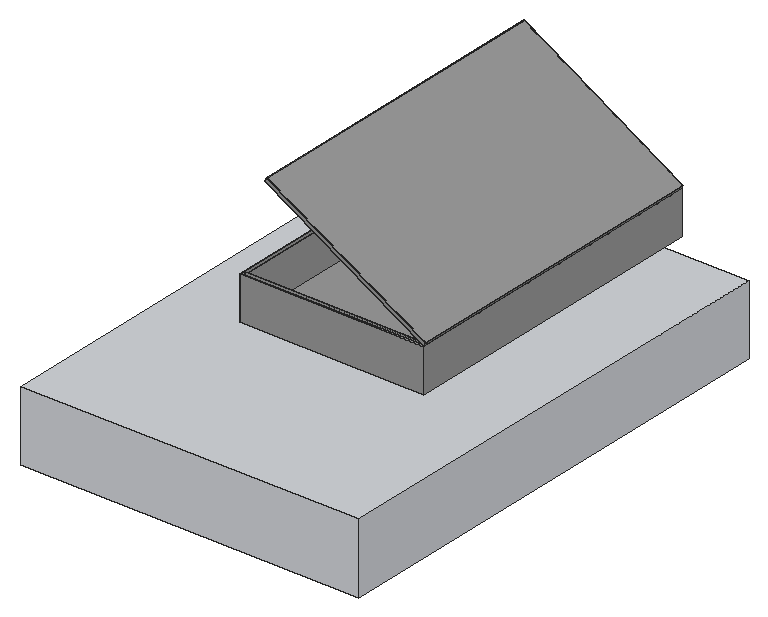
Revit family "Hager-Univers-IP54-D205-H1400-Cl.II-Encl-CH-de", category Equipement électrique, Revit 2020
Family settings
  Hôte = Face
  Configuration du panneau = Deux colonnes, circuits au sein
  Cote de connecteur circulaire = Utiliser le diamètre
  Type d'élément = Tableau de raccordement
  Couper avec des vides une fois chargée = Non
  Partagée = Non
  Point de calcul de pièce = Non
Parameters (values of type "Aufputz IP54 B800 H1400 T205  - FP93QSW")
  Width Control [instance] = if([EF000008 - Breite] > Min Width, [EF000008 - Breite], Min Width)  # 800 mm
  Commentaires du type = [HG000003 - Bereich]  # "Univers"
  Thickness Door [instance] = if([EF009171 - Materialstärke Tür/Deckel] > 3 mm, 3 mm, [EF009171 - Materialstärke Tür/Deckel])  # 1 mm
  Seal Frame Offset [instance] = 17 mm  # constant formula
  Plinth Visibility [instance] = [HG000027 - Sockelhöhe] > 0 mm  # no
  Model = ""
  Min Width [instance] = 100 mm  # constant formula
  Min Height [instance] = 100 mm  # constant formula
  Min Depth [instance] = (2 * [EF009170 - Materialstärke Gehäuse]) + 1 mm  # 3 mm
  Internal Frame Depth [instance] = (Door System Depth * 0.5)  # 9 mm
  Height Control [instance] = if([EF000040 - Höhe] > Min Height, [EF000040 - Höhe], Min Height)  # 1400 mm
  HG000027 - Sockelhöhe = 0 mm
  HG000026 - Stehend auf dem Boden = no
  HG000024 - Höhe des unteren Teils = 800 mm
  HG000023 - Gehäuse mit doppeltem Querschnitt = no
  HG000016 - 3D-Türsichtbarkeit [instance] = yes
  HG000015 - Sichtbarkeit der Türöffnung [instance] = no
  HG000014 - Tür rechts [instance] = yes
  HG000013 - Tür links [instance] = not([HG000014 - Tür rechts])  # no
  HG000012 - Türschwenkwinkel [instance] = 30.00°
  HG000010 - Asymmetrische Türen = no
  HG000009 - Doppelflügeligen Tür = no
  HG000006 - Unterputz = no
  HG000004 - Herstellerreferenz = "FP93QSW"
  HG000003 - Bereich = "Univers"
  HG000002 - Mit tür = yes
  Frame Offset Bottom [instance] = 10 mm  # constant formula
  Frame Offset [instance] = 15 mm  # constant formula
  EF015940 - Deckel mit Überdruckentlastung = no
  EF011959 - Schutzart (NEMA) = ""
  EF009554 - Anzahl der Öffnungen für Flanschplatten = 6
  Fabricant = "Hager"  # constant formula
  EF009212 - Ausführung Deckel = "EV000116 - geschlossen"
  EF009171 - Materialstärke Tür/Deckel = 1 mm
  EF009170 - Materialstärke Gehäuse = 1 mm
  EF008873 - Nennstrom (In) = 250 A
  EF007800 - Geeignet für Blitzschutz = no
  EF006306 - Mit Schloss = no
  EF006244 - Transparenter Deckel/Tür = no
  EF005474 - Schutzart (IP) = "EV006419 - IP54"
  EF004464 - Art der Tür = "EV002646 - Einzel"
  EF004427 - Anzahl der Module = 324
  EF004293 - Schlagfestigkeit = "EV006815 - IK09"
  EF003532 - Geeignet für Außengebrauch = no
  EF002950 - Breite in Teilungseinheiten = 36
  EF001613 - Funktionserhalt = "EV000494 - ohne"
  EF001596 - Werkstoff des Gehäuses = "EV000179 - Stahl"
  EF001131 - Innentiefe = 143 mm
  EF001088 - Anbaumöglichkeit = yes
  EF000437 - Anzahl der Leitungseinführungen = 6
  EF000339 - Art der Abdeckung = "EV001012 - Deckel"
  EF000266 - Anzahl der Reihen = 9
  EF000218 - Einbautiefe = 0 mm
  EF000118 - Mit Montageplatte = no
  EF000116 - RAL-Nummer = "9010"
  EF000049 - Tiefe = 205 mm
  EF000040 - Höhe = 1400 mm
  EF000008 - Breite = 800 mm
  EF000007 - Farbe = "EV000202 - weiß"
  EF000003 - Montageart = "EV000384 - Aufputz"
  Door System Leaf Tolerance [instance] = 1.5 mm  # constant formula
  Door System Depth [instance] = 18 mm  # constant formula
  Door Height [instance] = Height Control - [HG000027 - Sockelhöhe]  # 1400 mm
  Depth Control [instance] = if([EF000049 - Tiefe] > Min Depth, [EF000049 - Tiefe], Min Depth)  # 205 mm
  Default Elevation = 0 mm
  Connector Offset [instance] = Height Control / 2  # 700 mm
  Bottom Top Plate Trim [instance] = 1.5 mm  # constant formula
  Plinth height Ctrl [instance] = if([HG000027 - Sockelhöhe] > 0 mm, [HG000027 - Sockelhöhe], 12 mm)  # 12 mm
Types (5, lengths in mm): name | Width Control | HG000004 - Herstellerreferenz | EF009554 - Anzahl der Öffnungen für Flanschplatten | EF004464 - Art der Tür | EF004427 - Anzahl der Module | EF002950 - Breite in Teilungseinheiten | EF001131 - Innentiefe | EF000437 - Anzahl der Leitungseinführungen | EF000339 - Art der Abdeckung | EF000008 - Breite
  Aufputz IP54 B1050 H1400 T205  - FP94QSW | 1050 | "FP94QSW" | 8 | "EV003602 - Doppel" | 432 | 48 | 143 | 8 | "EV001012 - Deckel" | 1050
  Aufputz IP54 B1300 H1400 T205  - FP95QSW | 1300 | "FP95QSW" | 10 | "EV003602 - Doppel" | 540 | 60 | 130 | 10 | "EV004216 - Tür" | 1300
  Aufputz IP54 B300 H1400 T205  - FP91QSW | 300 | "FP91QSW" | 2 | "EV002646 - Einzel" | 108 | 12 | 130 | 2 | "EV004216 - Tür" | 300
  Aufputz IP54 B550 H1400 T205  - FP92QSW | 550 | "FP92QSW" | 4 | "EV002646 - Einzel" | 216 | 24 | 143 | 4 | "EV001012 - Deckel" | 550
  Aufputz IP54 B800 H1400 T205  - FP93QSW | 800 | "FP93QSW" | 6 | "EV002646 - Einzel" | 324 | 36 | 143 | 6 | "EV001012 - Deckel" | 800
Reference planes
  plane 1 "Center (Front/Back)": y = 0
  plane 2: z = 0
  plane 3 "Center (Left/Right)": x = 0
  plane 4: z = 205
  plane 5: y = 1
  plane 6: y = 700
  plane 7: y = 0
  plane 8: y = 1400
  plane 9: z = 0
  plane 10: x = -385
  plane 11: x = 385
  plane 12: x = 384
  plane 13: x = -384
  plane 14: y = 1399
  plane 15: x = -383
  plane 16: x = -400
  plane 17: x = 383
  plane 18: x = 400
  plane 19: x = 399
  plane 20: x = -399
  plane 21: y = 11
  plane 22: y = 1400
  plane 23: y = 1384
  plane 24: z = 187
  plane 25: z = 1
  plane 26: z = 186
  plane 27: z = 204
Forms (mm)
  Extrusion 1, solid
    sketch origin (0, 0, 0) x (1, 0, 0) y (0, 1, 0)
      loop
        line (-702.964, 1305) -> (-702.964, -811.445) -> (766.763, -811.445) -> (766.763, 1305) -> (-702.964, 1305)
    from 0 to -304.8
  Extrusion 2, solid, material "Hager_Steel_RAL7035_Light_Grey", visible <- "Plinth Visibility", detail levels medium+fine
    sketch origin (0, 0, 0) x (1, 0, 0) y (0, 1, 0)
      loop
        line (-400, 0) -> (400, 0) -> (400, 12) -> (-400, 12) -> (-400, 0)
    from 0 to 187
  Extrusion 3, solid, material "Hager_Steel_RAL7035_Light_Grey", detail levels medium+fine
    sketch origin (0, 0, 0) x (1, 0, 0) y (0, 1, 0)
      loop
        line (-400, 0) -> (400, 0) -> (400, 1400) -> (-400, 1400) -> (-400, 0)
    from 0 to 187
  Extrusion 4, void
    sketch origin (0, 0, 0) x (1, 0, 0) y (0, 1, 0)
      loop
        line (-399, 1) -> (399, 1) -> (399, 1399) -> (-399, 1399) -> (-399, 1)
    from 1 to 186
  Extrusion 5, void
    sketch origin (-381.607, -4572, 187) x (0, -1, 0) y (-1, 0, 0)
      loop
        line (-4583, 2.393) -> (-5956, 2.393) -> (-5956, -765.607) -> (-4583, -765.607) -> (-4583, 2.393)
    from 0 to 1 <- "EF009170 - Materialstärke Gehäuse"
  Extrusion 6, solid, material "Hager_Steel_RAL7035_Light_Grey", detail levels fine
    sketch origin (0, 0, 187) x (1, 0, 0) y (0, 1, 0)
      loop
        line (-384, 1384) -> (-384, 11) -> (384, 11) -> (384, 1384) -> (-384, 1384)
      loop
        line (-385, 10) -> (385, 10) -> (385, 1385) -> (-385, 1385) -> (-385, 10)
    from 0 to 9 <- "Internal Frame Depth"
  Extrusion 7, solid, material "Hager_Steel_RAL7035_Light_Grey", detail levels coarse
    sketch origin (0, 0, 0) x (1, 0, 0) y (0, 1, 0)
      loop
        line (-400, 0) -> (400, 0) -> (400, 1400) -> (-400, 1400) -> (-400, 0)
    from 0 to 205
  Sweep 8, void
    path in 3D
      loop
        line (-400, 12, 0) -> (400, 12, 0) -> (400, 12, 187) -> (-400, 12, 187) -> (-400, 12, 0)
    profile origin (-400, 12, 93.5) x (-1, 0, 0) y (0, -1, 0)
      loop
        line (0, 0) -> (0, 1.5) -> (-1.5, 1.5)
        arc (-1.5, 1.5) -> (-1.061, 0.439) -> (0, 0) r 1.5
Cuts and joins
  Extrusion 4, Extrusion 5 cuts Extrusion 3
  Sweep 8 cuts Extrusion 2
Lines and regions (mm)
  Masking region 1
    outline origin (0, 0, 0) x (1, 0, 0) y (0, 0, 1)
      loop
        line (-400, 205) -> (-400, 0) -> (400, 0) -> (400, 205) -> (-400, 205)
  Masking region 2, detail levels medium+fine
    outline origin (0, 140, 0) x (0, 1, 0) y (0, 0, 1)
      loop
        line (-140, 0) -> (1260, 0) -> (1260, 187) -> (-140, 187) -> (-140, 0)
  Masking region 3, not visible, detail levels medium+fine
    outline origin (0, 297.922, 0) x (0, 1, 0) y (0, 0, 1)
      loop
        line (413.578, 0) -> (453.578, 0) -> (453.578, 194)
        arc (453.578, 194) -> (450.649, 201.071) -> (443.578, 204) r 10
        line (443.578, 204) -> (413.578, 204) -> (413.578, 0)
  Masking region 4, detail levels coarse
    outline origin (0, 0, 180) x (0, 1, 0) y (0, 0, 1)
      loop
        line (0, -180) -> (1400, -180) -> (1400, 25) -> (0, 25) -> (0, -180)
  Masking region 5, visible <- "Plinth Visibility", detail levels medium+fine
    outline origin (0, 52.24, 12.345) x (0, 0, -1) y (0, 1, 0)
      loop
        line (10.845, -40.24) -> (-173.155, -40.24)
        arc (-173.155, -40.24) -> (-173.594, -41.301) -> (-174.655, -41.74) r 1.5
        line (-174.655, -41.74) -> (-174.655, -52.24) -> (12.345, -52.24) -> (12.345, -41.74)
        arc (12.345, -41.74) -> (11.285, -41.301) -> (10.845, -40.24) r 1.5
  Masking region 6, detail levels medium+fine
    outline origin (-381.607, -4572, 187) x (-1, 0, 0) y (0, -1, 0)
      loop
        line (18.393, -5972) -> (18.393, -4572) -> (-781.607, -4572) -> (-781.607, -5972) -> (18.393, -5972)
  Masking region 7, visible <- "Plinth Visibility", detail levels medium+fine
    outline origin (-381.607, -4727, 187) x (-1, 0, 0) y (0, -1, 0)
      loop
        arc (16.893, -4739) -> (17.332, -4737.939) -> (18.393, -4737.5) r 1.5
        line (18.393, -4737.5) -> (18.393, -4727) -> (-781.607, -4727) -> (-781.607, -4737.5)
        arc (-781.607, -4737.5) -> (-780.546, -4737.939) -> (-780.107, -4739) r 1.5
        line (-780.107, -4739) -> (16.893, -4739)
  Masking region 8, detail levels coarse
    outline origin (-442.548, -4669.526, 187) x (-1, 0, 0) y (0, -1, 0)
      loop
        line (-42.548, -6069.526) -> (-42.548, -4669.526) -> (-842.548, -4669.526) -> (-842.548, -6069.526) -> (-42.548, -6069.526)
  sketch lines
    curve 1: line (-400, 12, 187) -> (-400, 12, 0)
    curve 2: line (400, 12, 187) -> (-400, 12, 187)
    curve 3: line (400, 12, 187) -> (400, 12, 0)
    curve 4: line (-400, 12, 0) -> (400, 12, 0)
Dimensions and locks
  "Depth Control": plane 4 to Extrusion 1
  "HG000027 - Sockelhöhe": plane 1 "Center (Front/Back)" to plane 7
  "EF009170 - Materialstärke Gehäuse": plane 5 to plane 7
  locked: connector elem to plane 3 "Center (Left/Right)"
  equal spacing: plane 8, plane 6, plane 7
  locked: connector elem to plane 6
  "EF009170 - Materialstärke Gehäuse": plane 8 to plane 14
  "EF009170 - Materialstärke Gehäuse": plane 10 to plane 13
  "EF009170 - Materialstärke Gehäuse": plane 12 to plane 11
  "Frame Offset": plane 20 to plane 13
  "Frame Offset": plane 12 to plane 19
  "EF009170 - Materialstärke Gehäuse": plane 16 to plane 20
  "EF009170 - Materialstärke Gehäuse": plane 19 to plane 18
  "Seal Frame Offset": plane 16 to plane 15
  "Seal Frame Offset": plane 17 to plane 18
  "Frame Offset Bottom": plane 21 to plane 5
  "Frame Offset": plane 14 to plane 23
  equal spacing: plane 16, plane 3 "Center (Left/Right)", plane 18
  "Width Control": plane 16 to plane 18
  "EF009170 - Materialstärke Gehäuse": plane 4 to plane 27
  "EF009170 - Materialstärke Gehäuse": plane 24 to plane 26
  "EF009170 - Materialstärke Gehäuse": plane 25 to level
  "Door System Depth": plane 4 to plane 24
  "Height Control": plane 1 "Center (Front/Back)" to Extrusion 7 sketch curve
  "Height Control": Masking region 4 sketch curve to plane 1 "Center (Front/Back)"
  "Height Control": plane 1 "Center (Front/Back)" to plane 22
  "Bottom Top Plate Trim": profile plane to Sweep 8 sketch curve
  "Bottom Top Plate Trim": Sweep 8 sketch curve to profile plane
  "Plinth height Ctrl": plane 1 "Center (Front/Back)" to Extrusion 2 sketch curve
  "Plinth height Ctrl": Masking region 5 sketch curve to plane 1 "Center (Front/Back)"
  "Plinth height Ctrl": plane 1 "Center (Front/Back)" to Masking region 7 sketch curve
  "Thickness Door": Extrusion 6 sketch curve to Extrusion 6 sketch curve  (x3)
  "Thickness Door": cut or joined group of Extrusion 3, Extrusion 4, Extrusion 5 to Extrusion 6 sketch curve
  radius of Masking region 3 sketch curve = 10 mm
  "Bottom Top Plate Trim": radius of Masking region 5 sketch curve  (x2)
  "Bottom Top Plate Trim": radius of Sweep 8 sketch curve
  "Bottom Top Plate Trim": radius of Masking region 7 sketch curve  (x2)
  aligned and locked: plane 2 to Extrusion 1
  aligned and locked: level to Extrusion 1
  aligned and locked: level to Masking region 1 sketch curve
  aligned and locked: Masking region 1 sketch curve to plane 18
  aligned and locked: Masking region 1 sketch curve to plane 16
  aligned and locked: plane 7 to Masking region 2 sketch curve
  aligned and locked: level to Masking region 3 sketch curve
  aligned and locked: Masking region 3 sketch curve to plane 27
  aligned and locked: level to Masking region 2 sketch curve
  aligned and locked: plane 1 "Center (Front/Back)" to Extrusion 2 sketch curve
  aligned and locked: Extrusion 3 sketch curve to plane 7
  aligned and locked: plane 16 to Extrusion 3 sketch curve
  aligned and locked: plane 18 to Extrusion 3 sketch curve
  aligned and locked: plane 20 to Extrusion 4 sketch curve
  aligned and locked: plane 19 to Extrusion 4 sketch curve
  aligned and locked: Extrusion 4 sketch curve to plane 5
  aligned and locked: Extrusion 4 to plane 25
  aligned and locked: plane 26 to Extrusion 4
  aligned and locked: plane 24 to Extrusion 3
  aligned and locked: Extrusion 5 sketch curve to plane 21
  aligned and locked: Extrusion 5 sketch curve to plane 13
  aligned and locked: Extrusion 5 sketch curve to plane 12
  aligned and locked: plane 18 to Extrusion 7 sketch curve
  aligned and locked: plane 1 "Center (Front/Back)" to Extrusion 7 sketch curve
  aligned and locked: plane 16 to Extrusion 7 sketch curve
  aligned and locked: plane 4 to Extrusion 7
  aligned and locked: Extrusion 7 to level
  aligned and locked: level to Masking region 4 sketch curve
  aligned and locked: Masking region 4 sketch curve to plane 1 "Center (Front/Back)"
  aligned and locked: Masking region 4 sketch curve to plane 4
  aligned and locked: nested 1 to level
  aligned and locked: nested 1 to plane 16
  aligned and locked: plane 8 to Extrusion 3 sketch curve
  aligned and locked: plane 23 to Extrusion 5 sketch curve
  aligned and locked: plane 14 to Extrusion 4 sketch curve
  aligned and locked: Masking region 2 sketch curve to plane 8
  aligned and locked: level to Masking region 5 sketch curve
  aligned and locked: plane 16 to Extrusion 2 sketch curve
  aligned and locked: plane 18 to Extrusion 2 sketch curve
  aligned and locked: Masking region 5 sketch curve to plane 24
  aligned and locked: Masking region 2 sketch curve to plane 24
  aligned and locked: plane 24 to Extrusion 2
  aligned and locked: profile plane to Sweep 8 sketch curve  (x2)
  aligned and locked: Masking region 6 sketch curve to plane 18
  aligned and locked: Masking region 6 sketch curve to plane 22
  aligned and locked: Masking region 6 sketch curve to plane 16
  aligned and locked: plane 8 to plane 22
  aligned and locked: Masking region 6 sketch curve to plane 7
  aligned and locked: Masking region 7 sketch curve to plane 16
  aligned and locked: Masking region 7 sketch curve to plane 1 "Center (Front/Back)"
  aligned and locked: Masking region 7 sketch curve to plane 18
  aligned and locked: Masking region 8 sketch curve to plane 1 "Center (Front/Back)"
  aligned and locked: Masking region 8 sketch curve to plane 18
  aligned and locked: Masking region 8 sketch curve to plane 22
  aligned and locked: Masking region 8 sketch curve to plane 16
  aligned and locked: nested 2 to plane 7
  aligned and locked: plane 3 "Center (Left/Right)" to nested 2
  aligned and locked: nested 2 to plane 24
  aligned and locked: Extrusion 6 sketch curve to cut or joined group of Extrusion 3, Extrusion 4, Extrusion 5  (x4)
Automatic sketch dimensions
  Extrusion 1 sketch curve to Extrusion 1 sketch curve = 1469.727 mm
  Extrusion 1 sketch curve to Extrusion 1 sketch curve = 2116.445 mm
  Masking region 1 sketch curve to plane 4 = 0 mm
  plane 6 to Masking region 3 sketch curve = 11.5 mm
  Masking region 3 sketch curve to Masking region 3 sketch curve = 30 mm
  Masking region 5 sketch curve to plane 1 "Center (Front/Back)" = 0 mm
Nested families
  nested 1: "Hager_Enclosure_Symbol" at (-400, 0, 0) x (1, 0, 0) z (0, -1, 0), Height <- "Depth Control", Width <- "Width Control", type "Hager_Enclosure_Symbol"
    with Width_Ctrl 800 mm, Width 800 mm, Height_Ctrl 205 mm, Height 205 mm, A_Width_Int 13.453 mm, A_Width 161.438 mm, A_Height_Ctrl 179.375 mm, A_Height 179.375 mm
  nested 2: "EC000058_Univers_Door" at (0, 0, 187) x (1, 0, 0) z (0, 1, 0), Leaf_Tolerance <- "Door System Leaf Tolerance", Angle <- "HG000012 - Türschwenkwinkel", Door_Depth <- "Door System Depth", Door_Left <- "HG000013 - Tür links", Transparent <- "EF006244 - Transparenter Deckel/Tür", Assymetrical <- "HG000010 - Asymmetrische Türen", Width <- "Width Control", Clearance <- "HG000015 - Sichtbarkeit der Türöffnung", Double <- "HG000009 - Doppelflügeligen Tür", 3d_Door <- "HG000016 - 3D-Türsichtbarkeit", Lock_Visibility <- "EF006306 - Mit Schloss", Width_Ctrl <- "Width Control", Door_Right <- "HG000014 - Tür rechts", Door <- "HG000002 - Mit tür", Height <- "Door Height", Thickness <- "Thickness Door", type "EC000058_Univers_Door", detail levels medium+fine
    with min_wh 3 mm, Width_Ctrl 800 mm, Width 800 mm, Transparent no, Thickness 1 mm, Seal_Material Hager_Rubber, Lock_Visibility no, Lock_Material Hager_Plastic_RAL9005_Jet_Black, Leaf_Width 800 mm, Leaf_Tolerance_External_Sides 0 mm, Leaf_Tolerance 1.5 mm, Leaf_Offset 0 mm, Leaf_Height 1397 mm, Leaf_2_Width 800 mm, Leaf_2_Offset 400 mm, Leaf_1_Width 800 mm, Leaf_1_Offset 400 mm, Height_Ctrl 1400 mm, Height 1400 mm, Glass_Material Hager_Glass, Double_Clearance_Ctrl no, Double no, Door_Right_Ctrl yes, Door_Right yes, Door_Material Hager_Steel_RAL7035_Light_Grey, Door_Left_Ctrl no, Door_Left no, Door_Depth 18 mm, Door yes, Clearance_Material Hager_Clearance, Clearance_Depth 800 mm, Clearance_Ctrl no, Clearance no, Assymetrical no, Angle 30.00°, 3d_Door yes
Connectors
  electrical at (0, 700, 0)
    settings: on plane 9, index 1, voltage 0 V, apparent load 0 VA, apparent load phase1 0 VA, apparent load phase2 0 VA, apparent load phase3 0 VA, power factor 1, load classification "Other", number of poles 1, system type 30, power factor state 1, is connector primary yes, connector utility no, sub classification motor no, connector description ""
Definition of nested family "EC000058_Univers_Door"
  Parameters (values of type "EC000058_Univers_Door")
    min_wh [instance] = (2 * Thickness) + 1 mm  # 11 mm
    Width_Ctrl [instance] = 400 mm
    Width [instance] = 500 mm
    Transparent [instance] = yes
    Thickness [instance] = 5 mm
    Seal_Material [instance] = none
    Lock_Visibility [instance] = yes
    Lock_Material [instance] = none
    Leaf_Width [instance] = if((Width_Ctrl - 2 * Leaf_Tolerance_External_Sides) > 0 mm, (Width_Ctrl - 2 * Leaf_Tolerance_External_Sides), min_wh)  # 400 mm
    Leaf_Tolerance_External_Sides [instance] = 0 mm  # constant formula
    Leaf_Tolerance [instance] = 1.5 mm
    Leaf_Offset [instance] = 0 mm  # constant formula
    Leaf_Height [instance] = if((Height_Ctrl - 2 * Leaf_Tolerance) > 0 mm, (Height_Ctrl - 2 * Leaf_Tolerance), min_wh)  # 497 mm
    Leaf_2_Width [instance] = if(and(and(Double, Assymetrical), Door_Left), (Leaf_Width / 3) - (Leaf_Tolerance / 2), if(and(and(Double, Assymetrical), Door_Right), (Leaf_Width / 3) * 2 - (Leaf_Tolerance / 2), if(and(Double, not(Assymetrical)), (Leaf_Width / 2) - Leaf_Tolerance, Leaf_Width)))  # 400 mm
    Leaf_2_Offset [instance] = if(and(Double, Assymetrical), Leaf_2_Width / 2, if(and(Double, not(Assymetrical)), Leaf_Width / 4, Leaf_Width / 2))  # 200 mm
    Leaf_1_Width [instance] = if(and(and(Double, Assymetrical), Door_Right), (Leaf_Width / 3) - (Leaf_Tolerance / 2), if(and(and(Double, Assymetrical), Door_Left), (Width / 3) * 2 - (Leaf_Tolerance / 2), if(and(Double, not(Assymetrical)), (Leaf_Width / 2) - Leaf_Tolerance, Leaf_Width)))  # 400 mm
    Leaf_1_Offset [instance] = if(and(Double, Assymetrical), Leaf_1_Width / 2, if(and(Double, not(Assymetrical)), Leaf_Width / 4, Leaf_Width / 2))  # 200 mm
    Height_Ctrl [instance] = if(Height > min_wh, Height, min_wh)  # 500 mm
    Height [instance] = 500 mm
    Glass_Material [instance] = none
    Double_Clearance_Ctrl [instance] = and(Double, Clearance)  # no
    Double [instance] = no
    Door_Right_Ctrl [instance] = and(or(Door_Right, Double), Door)  # yes
    Door_Right [instance] = yes
    Door_Material [instance] = none
    Door_Left_Ctrl [instance] = and(or(Door_Left, Double), Door)  # no
    Door_Left [instance] = no
    Door_Depth [instance] = 30 mm
    Door [instance] = yes
    Default Elevation = 1219.2 mm
    Clearance_Material [instance] = none
    Clearance_Depth [instance] = if(Leaf_1_Width > Leaf_2_Width, Leaf_1_Width, Leaf_2_Width)  # 400 mm
    Clearance_Ctrl [instance] = and(not(Double), Clearance)  # yes
    Clearance [instance] = yes
    Assymetrical [instance] = yes
    Angle [instance] = 30.00°
    3d_Door [instance] = yes
  Reference planes
    plane 1 "Center (Front/Back)": y = 0
    plane 2 "Bottom": z = 0
    plane 3 "Center (Left/Right)": x = 0
    plane 4: z = 500
    plane 5: x = -200
    plane 6: x = 200
    plane 7: z = 500
    plane 8: x = -200
    plane 9: z = 0
    plane 10: x = 200
    plane 11: y = 0
    plane 12: z = 1.5
    plane 13: x = -600
    plane 14: y = -400
    plane 15: x = 600
    plane 16: x = 0
    plane 17: x = 0
    plane 18: x = -200
    plane 19: x = 200
    plane 20: z = 498.5
  Forms (mm)
    Extrusion 1, solid, material <- "Clearance_Material", visible <- "Double_Clearance_Ctrl"
      sketch origin (1200, 0, 0) x (1, 0, 0) y (0, 0, -1)
        loop
          line (-1800, -498.5) -> (-600, -498.5) -> (-600, 0) -> (-1800, 0) -> (-1800, -498.5)
      from 0 to -400
  Dimensions and locks
    equal spacing: plane 5, plane 3 "Center (Left/Right)", plane 6
    "Width_Ctrl": plane 5 to plane 6
    "Leaf_Offset": plane 5 to plane 8
    "Leaf_Offset": plane 6 to plane 10
    "Leaf_Offset": plane 9 to level
    "Leaf_Offset": plane 4 to plane 7
    "Height_Ctrl": plane 4 to level
    "Leaf_Tolerance": plane 12 to plane 9
    locked: plane 11 to plane 1 "Center (Front/Back)"
    "Leaf_1_Offset": plane 18 to plane 16
    "Leaf_2_Offset": plane 17 to plane 19
    "Leaf_1_Width": plane 13 to plane 8
    "Leaf_2_Width": plane 10 to plane 15
    "Clearance_Depth": plane 14 to plane 1 "Center (Front/Back)"
    "Leaf_Tolerance_External_Sides": plane 8 to plane 18
    "Leaf_Tolerance_External_Sides": plane 19 to plane 10
    "Leaf_Tolerance": plane 7 to plane 20
    aligned and locked: level to plane 2 "Bottom"
    aligned and locked: nested 1 to plane 16
    aligned and locked: nested 2 to plane 17
    aligned and locked: Extrusion 1 to plane 13
    aligned and locked: plane 15 to Extrusion 1
    aligned and locked: Extrusion 1 to plane 14
    aligned and locked: plane 12 to nested 1
    aligned and locked: nested 2 to plane 12
    aligned and locked: Extrusion 1 to plane 11
    aligned and locked: plane 20 to Extrusion 1
    aligned and locked: nested 2 to plane 11
    aligned and locked: nested 1 to plane 11
  Automatic sketch dimensions
    Extrusion 1 sketch curve to level = 0 mm
    plane 5 to Extrusion 1 sketch curve = 400 mm
    plane 6 to Extrusion 1 sketch curve = 400 mm
    Extrusion 1 sketch curve to plane 4 = 1.5 mm
  Nested families
    nested 1: "EC000058_Univers_Door_Leaf" at (0, 0, 1.5), Width <- "Leaf_1_Width", visible <- "Door_Left_Ctrl", Leaf_Height <- "Leaf_Height", Angle <- "Angle", 3d_Door <- "3d_Door", Transparent <- "Transparent", Clearance Material <- "Clearance_Material", Clearance <- "Clearance_Ctrl", Door_Material <- "Door_Material", Glass_Material <- "Glass_Material", Door_Depth <- "Door_Depth", Lock_Material <- "Lock_Material", Seal_Material <- "Seal_Material", Lock_Visibility <- "Lock_Visibility", Thickness <- "Thickness", type "EC000058_Univers_Door_Leaf"
      with Width 400 mm, Transparent_Glass_Offset 30 mm, Transparent_Ctrl yes, Transparent yes, Thickness 5 mm, Standard no, Seal_Material none, Seal_D2 8 mm, Seal_D1 1 mm, Offset_Internal_Frame 10 mm, Lock_Width 20 mm, Lock_Visibility_3d yes, Lock_Visibility yes, Lock_Thickness_3 3 mm, Lock_Thickness_2 1 mm, Lock_Thickness_1 3 mm, Lock_Radius_Offset_2 16 mm, Lock_Radius_Offset_1 15 mm, Lock_Radius_2 5 mm, Lock_Radius 6 mm, Lock_Offset 5 mm, Lock_Material none, Lock_Height 80 mm, Lock_Cover_Top_Offset_2d 17 mm, Lock_Cover_Height -65 mm, Leaf_Height 497 mm, Internal_Seal_Thickness 8 mm, Internal_Seal_Depth_2 4.5 mm, Internal_Frame_Depth 25 mm, Glass_Thickness -1 mm, Glass_Offset -2 mm, Glass_Material none, Door_Material none, Door_Depth 30 mm, Clearance Material none, Clearance yes, Angle_Ctrl 30.00°, Angle 30.00°, 3d_Door yes
    nested 2: "EC000058_Univers_Door_Leaf" at (0, 0, 1.5) x (-1, 0, 0) z (0, 0, 1), Width <- "Leaf_2_Width", visible <- "Door_Right_Ctrl", Leaf_Height <- "Leaf_Height", Angle <- "Angle", 3d_Door <- "3d_Door", Transparent <- "Transparent", Clearance Material <- "Clearance_Material", Clearance <- "Clearance_Ctrl", Door_Material <- "Door_Material", Glass_Material <- "Glass_Material", Door_Depth <- "Door_Depth", Lock_Material <- "Lock_Material", Seal_Material <- "Seal_Material", Lock_Visibility <- "Lock_Visibility", Thickness <- "Thickness", type "EC000058_Univers_Door_Leaf"
      with Width 400 mm, Transparent_Glass_Offset 30 mm, Transparent_Ctrl yes, Transparent yes, Thickness 5 mm, Standard no, Seal_Material none, Seal_D2 8 mm, Seal_D1 1 mm, Offset_Internal_Frame 10 mm, Lock_Width 20 mm, Lock_Visibility_3d yes, Lock_Visibility yes, Lock_Thickness_3 3 mm, Lock_Thickness_2 1 mm, Lock_Thickness_1 3 mm, Lock_Radius_Offset_2 16 mm, Lock_Radius_Offset_1 15 mm, Lock_Radius_2 5 mm, Lock_Radius 6 mm, Lock_Offset 5 mm, Lock_Material none, Lock_Height 80 mm, Lock_Cover_Top_Offset_2d 17 mm, Lock_Cover_Height -65 mm, Leaf_Height 497 mm, Internal_Seal_Thickness 8 mm, Internal_Seal_Depth_2 4.5 mm, Internal_Frame_Depth 25 mm, Glass_Thickness -1 mm, Glass_Offset -2 mm, Glass_Material none, Door_Material none, Door_Depth 30 mm, Clearance Material none, Clearance yes, Angle_Ctrl 30.00°, Angle 30.00°, 3d_Door yes
  Definition of nested family "EC000058_Univers_Door_Leaf"
    Parameters (values of type "EC000058_Univers_Door_Leaf")
      Width [instance] = 2000 mm
      Transparent_Glass_Offset [instance] = 30 mm
      Transparent_Ctrl [instance] = and(Transparent, [3d_Door])  # yes
      Transparent [instance] = yes
      Thickness [instance] = 5 mm
      Standard [instance] = and(not(Transparent), [3d_Door])  # no
      Seal_Material [instance] = none
      Seal_D2 [instance] = 8 mm  # constant formula
      Seal_D1 [instance] = 1 mm  # constant formula
      Offset_Internal_Frame [instance] = 10 mm  # constant formula
      Lock_Width [instance] = 20 mm  # constant formula
      Lock_Visibility_3d [instance] = and(Lock_Visibility, [3d_Door])  # yes
      Lock_Visibility [instance] = yes
      Lock_Thickness_3 [instance] = 3 mm  # constant formula
      Lock_Thickness_2 [instance] = 1 mm  # constant formula
      Lock_Thickness_1 [instance] = 3 mm  # constant formula
      Lock_Radius_Offset_2 [instance] = Lock_Radius_Offset_1 + 1 mm  # 16 mm
      Lock_Radius_Offset_1 [instance] = 15 mm  # constant formula
      Lock_Radius_2 [instance] = Lock_Radius - 1 mm  # 5 mm
      Lock_Radius [instance] = 6 mm  # constant formula
      Lock_Offset [instance] = 5 mm  # constant formula
      Lock_Material [instance] = none
      Lock_Height [instance] = 80 mm  # constant formula
      Lock_Cover_Top_Offset_2d [instance] = Lock_Radius_Offset_2 + 1 mm  # 17 mm
      Lock_Cover_Height [instance] = -(Lock_Height - Lock_Radius_Offset_1)  # -65 mm
      Leaf_Height [instance] = 2720.336 mm
      Internal_Seal_Thickness [instance] = 8 mm  # constant formula
      Internal_Seal_Depth_2 [instance] = 4.5 mm  # constant formula
      Internal_Frame_Depth [instance] = if(Door_Depth - Thickness > 5 mm, Door_Depth - Thickness, 5 mm)  # 25 mm
      Glass_Thickness [instance] = if(Thickness > 15 mm, Glass_Offset + 10 mm, -1 mm)  # -1 mm
      Glass_Offset [instance] = if(Thickness > 15 mm, -(Thickness + 10 mm) / 2, -2 mm)  # -2 mm
      Glass_Material [instance] = none
      Door_Material [instance] = none
      Door_Depth [instance] = 30 mm
      Default Elevation = 0 mm
      Clearance Material [instance] = none
      Clearance [instance] = yes
      Angle_Ctrl [instance] = if(Angle > 180.00°, 180.00°, Angle)  # 90.00°
      Angle [instance] = 90.00°
      3d_Door [instance] = yes
    Reference planes
      plane 1 "Center (Front/Back)": y = 0
      plane 2: z = 0
      plane 3 "Center (Left/Right)": x = 0
      plane 4: y = 2000
      plane 5: x = -1000
      plane 6: x = 1000
      plane 7: x = -3000
      plane 8: z = 2720.336
      plane 9: z = 30
      plane 10: z = 2690.336
      plane 11: x = 970
      plane 12: x = -970
      plane 13: y = -3
      plane 14: z = 107.833
      plane 15: y = -5
      plane 16: y = -223.314
      plane 17: x = -1000
      plane 18: z = 1360.168
      plane 19: y = 30
    Forms (mm)
      Extrusion 1, solid, material <- "Clearance Material", visible <- "Clearance"
        sketch origin (0, 0, 0) x (1, 0, 0) y (0, 0, 1)
          loop
            line (-3000, 2720.336) -> (-3000, 0) -> (1000, 0) -> (1000, 2720.336) -> (-3000, 2720.336)
        from 0 to -2000
      Extrusion 2, solid, material <- "Door_Material", visible <- "Standard", detail levels medium+fine
        sketch origin (-1000, 0, 0) x (0, 1, 0) y (-1, 0, 0)
          loop
            line (0, 30) -> (0, 25) -> (2000, 25) -> (2000, 30) -> (0, 30)
        from 0 to 2720.336 <- "Leaf_Height"
      Extrusion 3, solid, material <- "Door_Material", visible <- "Transparent_Ctrl", detail levels medium+fine
        sketch origin (-1000, 0, 0) x (0, 1, 0) y (-1, 0, 0)
          loop
            line (0, 25) -> (2000, 25) -> (2000, 30) -> (0, 30) -> (0, 25)
        from 0 to 2720.336 <- "Leaf_Height"
      Extrusion 4, void
        sketch origin (-1025, 2000, 0) x (0, 1, 0) y (0, 0, -1)
          loop
            line (-30, -2690.336) -> (-30, -30) -> (-1970, -30) -> (-1970, -2690.336) -> (-30, -2690.336)
        from 0 to 5 <- "Thickness"
      Sweep 5, solid, material <- "Seal_Material", visible <- "Transparent_Ctrl", detail levels fine
        path in 3D
          loop
            line (-1025, 30, 30) -> (-1025, 30, 2690.336) -> (-1025, 1970, 2690.336) -> (-1025, 1970, 30) -> (-1025, 30, 30)
        profile origin (-1025, 1000, 30) x (1, 0, 0) y (0, 0, 1)
          loop
            line (0, 0) -> (0, -8) -> (1, -8) -> (1, 0) -> (0, 0)
      Extrusion 6, solid, material <- "Glass_Material", visible <- "Transparent_Ctrl", detail levels medium+fine
        sketch origin (-1030, 0, 0) x (0, 1, 0) y (0, 0, -1)
          loop
            line (1970, -2690.336) -> (1970, -30) -> (30, -30) -> (30, -2690.336) -> (1970, -2690.336)
        from -2 <- "Glass_Offset" to -1 <- "Glass_Thickness"
      Extrusion 7, solid, material <- "Door_Material", visible <- "3d_Door", detail levels medium+fine
        sketch origin (-1025, 2000, 0) x (0, -1, 0) y (0, 0, -1)
          loop
            line (0, -2720.336) -> (2000, -2720.336) -> (2000, 0) -> (0, 0) -> (0, -2720.336)
          loop
            line (1995, -5) -> (5, -5) -> (5, -2715.336) -> (1995, -2715.336) -> (1995, -5)
        from 0 to 25 <- "Internal_Frame_Depth"
      Sweep 8, solid, material <- "Seal_Material", visible <- "Transparent_Ctrl", detail levels fine
        path in 3D
          loop
            line (-1025, 0, 0) -> (-1025, 2000, 0) -> (-1025, 2000, 2720.336) -> (-1025, 0, 2720.336) -> (-1025, 0, 0)
        profile origin (-1025, 0, 1360.168) x (1, 0, 0) y (0, 1, 0)
          loop
            line (0, 10) -> (2.975, 10)
            arc (2.975, 10) -> (4.053, 10.447) -> (4.5, 11.525) r 1.525
            line (4.5, 11.525) -> (4.5, 16.527)
            arc (4.5, 16.527) -> (4.069, 17.569) -> (3.027, 18) r 1.473
            line (3.027, 18) -> (0, 18) -> (0, 10)
      Extrusion 9, solid, material <- "Lock_Material", visible <- "Lock_Visibility_3d", detail levels fine
        sketch origin (-1030, 0, 0) x (0, 1, 0) y (0, 0, -1)
          loop
            arc (1993.5, -1400.168) -> (1994.561, -1399.729) -> (1995, -1398.668) r 1.5
            line (1995, -1398.668) -> (1995, -1320.168) -> (1975, -1320.168) -> (1975, -1398.668)
            arc (1975, -1398.668) -> (1975.439, -1399.729) -> (1976.5, -1400.168) r 1.5
            line (1976.5, -1400.168) -> (1993.5, -1400.168)
        from 3 <- "Lock_Thickness_1" to 0
      Blend 10, solid, material <- "Lock_Material", visible <- "Lock_Visibility_3d", detail levels fine
        base sketch origin (-1033, 0, 0) x (0, 1, 0) y (0, 0, -1)
          loop
            line (1975, -1320.168) -> (1975, -1398.668)
            arc (1975, -1398.668) -> (1975.439, -1399.729) -> (1976.5, -1400.168) r 1.5
            line (1976.5, -1400.168) -> (1993.5, -1400.168)
            arc (1993.5, -1400.168) -> (1994.561, -1399.729) -> (1995, -1398.668) r 1.5
            line (1995, -1398.668) -> (1995, -1320.168) -> (1975, -1320.168)
        top sketch origin (-1033, 0, 0) x (0, 1, 0) y (0, 0, -1)
          loop
            line (1976, -1320.168) -> (1976, -1398.668)
            arc (1976, -1398.668) -> (1976.146, -1399.022) -> (1976.5, -1399.168) r 0.5
            line (1976.5, -1399.168) -> (1993.5, -1399.168)
            arc (1993.5, -1399.168) -> (1993.854, -1399.022) -> (1994, -1398.668) r 0.5
            line (1994, -1398.668) -> (1994, -1320.168) -> (1976, -1320.168)
        from 0 to 1 <- "Lock_Thickness_2"
      Blend 11, solid, material <- "Lock_Material", visible <- "Lock_Visibility_3d", detail levels fine
        base sketch origin (-1034, 0, 0) x (0, 1, 0) y (0, 0, -1)
          loop
            line (1978, -1320.168) -> (1978, -1384.168)
            arc (1978, -1384.168) -> (1985, -1391.168) -> (1992, -1384.168) r 7
            line (1992, -1384.168) -> (1992, -1320.168) -> (1978, -1320.168)
        top sketch origin (-1034, 0, 0) x (0, 1, 0) y (0, 0, -1)
          loop
            line (1991, -1320.168) -> (1979, -1320.168) -> (1979, -1383.168)
            arc (1979, -1383.168) -> (1985, -1389.168) -> (1991, -1383.168) r 6
            line (1991, -1383.168) -> (1991, -1320.168)
        from 0 to 3 <- "Lock_Thickness_3"
      Extrusion 12, solid, material <- "Lock_Material", visible <- "Lock_Visibility_3d", detail levels fine
        sketch origin (-1030, 1975, 1320.168) x (1, 0, 0) y (0, -1, 0)
          loop
            line (-7, -19) -> (-7, -1) -> (0, -1) -> (0, 0) -> (-8, 0) -> (-8, -20) -> (0, -20) -> (0, -19) -> (-7, -19)
        from 0 to -65 <- "Lock_Cover_Height"
      Extrusion 13, void
        sketch origin (-1038, 1995, 1320.168) x (-1, 0, 0) y (0, 0, -1)
          loop
            line (-5, -65) -> (0, -65) -> (-5, -60) -> (-5, -65)
        from 0 to 20 <- "Lock_Width"
      Extrusion 14, void
        sketch origin (-1038, 1975, 1320.168) x (0, -1, 0) y (0, 0, -1)
          loop
            circle (-10, -15.995) r 6
          loop
            circle (-10, -15.995) r 5
        from 0 to 2
      Extrusion 15, solid, material <- "Lock_Material", visible <- "Lock_Visibility_3d", detail levels medium
        sketch origin (-1030, 0, 0) x (0, 1, 0) y (0, 0, -1)
          loop
            arc (1993.5, -1400.168) -> (1994.561, -1399.729) -> (1995, -1398.668) r 1.5
            line (1995, -1398.668) -> (1995, -1320.168) -> (1975, -1320.168) -> (1975, -1398.668)
            arc (1975, -1398.668) -> (1975.439, -1399.729) -> (1976.5, -1400.168) r 1.5
            line (1976.5, -1400.168) -> (1993.5, -1400.168)
        from 8 to 0
    Cuts and joins
      Extrusion 4 cuts Extrusion 3
      Extrusion 13, Extrusion 14 cuts Extrusion 9
      Extrusion 14 cuts Blend 11
      Extrusion 13, Extrusion 14 cuts Extrusion 12
      joined: Extrusion 9, Blend 10, Blend 11, Extrusion 12
      Extrusion 14 cuts Extrusion 15
    Lines and regions (mm)
      Masking region 1, visible <- "Lock_Visibility", detail levels fine
        outline origin (0, 0, 0) x (0, 1, 0) y (0, 0, 1)
          loop
            line (30, 1320.168) -> (33, 1320.168) -> (33, 1400.168) -> (30, 1400.168) -> (30, 1320.168)
      Masking region 2, visible <- "Lock_Visibility", detail levels fine
        outline origin (0, 3.143, 0) x (0, 1, 0) y (0, 0, 1)
          loop
            line (29.857, 1354.168) -> (30.857, 1354.168) -> (30.857, 1366.168) -> (29.857, 1366.168) -> (29.857, 1354.168)
      Masking region 3, detail levels medium+fine
        outline origin (0, 0, 0) x (0, 1, 0) y (0, 0, 1)
          loop
            line (0, 0) -> (30, 0) -> (30, 2720.336) -> (0, 2720.336) -> (0, 0)
      Masking region 4, detail levels medium+fine
        outline origin (0, 0, 0) x (1, 0, 0) y (0, 0, 1)
          loop
            line (-1000, 2720.336) -> (-1000, 0) -> (1000, 0) -> (1000, 2720.336) -> (-1000, 2720.336)
      Masking region 5, visible <- "Lock_Visibility", detail levels fine
        outline origin (-47.116, 0, 0) x (1, 0, 0) y (0, 0, 1)
          loop
            arc (1024.616, 1399.168) -> (1023.556, 1398.729) -> (1023.116, 1397.668) r 1.5
            line (1023.116, 1397.668) -> (1023.116, 1320.168) -> (1041.116, 1320.168) -> (1041.116, 1397.668)
            arc (1041.116, 1397.668) -> (1040.677, 1398.729) -> (1039.616, 1399.168) r 1.5
            line (1039.616, 1399.168) -> (1024.616, 1399.168)
      Masking region 6, visible <- "Lock_Visibility", detail levels medium+fine
        outline origin (-25, 0, 0) x (1, 0, 0) y (0, 0, 1)
          loop
            arc (1001.5, 1400.168) -> (1000.439, 1399.729) -> (1000, 1398.668) r 1.5
            line (1000, 1398.668) -> (1000, 1320.168) -> (1020, 1320.168) -> (1020, 1398.668)
            arc (1020, 1398.668) -> (1019.561, 1399.729) -> (1018.5, 1400.168) r 1.5
            line (1018.5, 1400.168) -> (1001.5, 1400.168)
      Masking region 7, visible <- "Lock_Visibility", detail levels fine
        outline origin (-73.735, 0, 0) x (1, 0, 0) y (0, 0, 1)
          loop
            line (1051.735, 1382.168) -> (1065.735, 1382.168) -> (1065.735, 1384.168)
            arc (1065.735, 1384.168) -> (1058.735, 1391.168) -> (1051.735, 1384.168) r 7
            line (1051.735, 1384.168) -> (1051.735, 1382.168)
      Masking region 8, visible <- "Lock_Visibility", detail levels fine
        outline origin (-73.735, 0, 0) x (1, 0, 0) y (0, 0, 1)
          loop
            line (1052.735, 1382.168) -> (1064.735, 1382.168) -> (1064.735, 1383.168)
            arc (1064.735, 1383.168) -> (1058.735, 1389.168) -> (1052.735, 1383.168) r 6
            line (1052.735, 1383.168) -> (1052.735, 1382.168)
      Masking region 9, visible <- "Lock_Visibility", detail levels fine
        outline origin (-25, 0, 0) x (1, 0, 0) y (0, 0, 1)
          loop
            line (1020, 1320.168) -> (1020, 1382.168) -> (1000, 1382.168) -> (1000, 1320.168) -> (1020, 1320.168)
      Masking region 10, detail levels medium+fine
        outline origin (0, 0, 0) x (1, 0, 0) y (0, 0, 1)
          loop
            circle (985, 1335.144) r 6
      Masking region 11, detail levels fine
        outline origin (0, 0, 0) x (1, 0, 0) y (0, 0, 1)
          loop
            circle (985, 1335.144) r 5
      Masking region 12, visible <- "Lock_Visibility", detail levels fine
        outline origin (0, 12.767, 0) x (0, 1, 0) y (0, 0, 1)
          loop
            line (20.233, 1320.168) -> (21.233, 1320.168) -> (21.233, 1399.168) -> (20.233, 1400.168) -> (20.233, 1320.168)
      Masking region 13, visible <- "Lock_Visibility", detail levels fine
        outline origin (0, 13.767, -10) x (0, 1, 0) y (0, 0, 1)
          loop
            line (20.233, 1330.168) -> (23.233, 1330.168) -> (23.233, 1399.168) -> (20.233, 1402.168) -> (20.233, 1330.168)
      Masking region 14, visible <- "Lock_Visibility", detail levels fine
        outline origin (0, 12.767, -10) x (0, 1, 0) y (0, 0, 1)
          loop
            line (20.233, 1330.168) -> (25.233, 1330.168) -> (25.233, 1399.305) -> (20.233, 1394.305) -> (20.233, 1330.168)
      Masking region 15, visible <- "Lock_Visibility", detail levels medium
        outline origin (0, 0, 0) x (0, 1, 0) y (0, 0, 1)
          loop
            line (30, 1320.168) -> (38, 1320.168) -> (38, 1400.168) -> (30, 1400.168) -> (30, 1320.168)
      Masking region 16, visible <- "Lock_Visibility", detail levels fine
        outline origin (-1000, 0, 0) x (0, 1, 0) y (-1, 0, 0)
          loop
            line (1975, 30) -> (1995, 30) -> (1995, 38) -> (1975, 38) -> (1975, 30)
          loop
            line (1979, 37) -> (1976, 37) -> (1976, 34) -> (1978, 34) -> (1979, 37)
          loop
            line (1994, 37) -> (1991, 37) -> (1992, 34) -> (1994, 34) -> (1994, 37)
      Masking region 17, visible <- "Lock_Visibility", detail levels medium
        outline origin (-1000, 0, 0) x (0, 1, 0) y (-1, 0, 0)
          loop
            line (1975, 30) -> (1995, 30) -> (1995, 38) -> (1975, 38) -> (1975, 30)
      symbolic lines
        curve 1: line (1000, 0, 0) -> (-3000, 0, 0)
        curve 2: arc (1000, 0, 0) -> (-1000, 2000, 0) -> (-3000, 0, 0) r 2000
        curve 4: line (-1030, 0, 0) -> (-1030, 2000, 0)
      reference lines
        curve 3: line (-1000, 0, 0) -> (-1000, 2000, 0)
      symbolic lines, detail levels medium+fine
        curve 5: line (-1030, 2000, 0) -> (-1025, 2000, 0)
        curve 7: line (-1025, 0, 0) -> (-1030, 0, 0)
        curve 8: line (-1025, 0, 0) -> (-1000, 0, 0)
        curve 9: line (-1000, 0, 0) -> (-1000, 2000, 0)
        curve 10: line (-1000, 2000, 0) -> (-1025, 2000, 0)
      symbolic lines, detail levels fine
        curve 6: line (-1025, 2000, 0) -> (-1025, 0, 0)
      sketch lines
        curve 11: line (-1025, 0, 2720.336) -> (-1025, 0, 0)
        curve 12: line (-1025, 2000, 0) -> (-1025, 0, 0)
        curve 13: line (-1025, 2000, 2720.336) -> (-1025, 2000, 0)
        curve 14: line (-1025, 0, 2720.336) -> (-1025, 2000, 2720.336)
        curve 15: line (-1025, 1970, 30) -> (-1025, 30, 30)
        curve 16: line (-1025, 30, 30) -> (-1025, 30, 2690.336)
        curve 17: line (-1025, 1970, 2690.336) -> (-1025, 1970, 30)
        curve 18: line (-1025, 30, 2690.336) -> (-1025, 1970, 2690.336)
      symbolic lines, visible <- "Transparent", detail levels medium+fine
        curve 19: line (-970, 0, 2690.336) -> (970, 0, 2690.336)
        curve 20: line (-970, 0, 30) -> (-970, 0, 2690.336)
        curve 21: line (970, 0, 30) -> (-970, 0, 30)
        curve 22: line (970, 0, 2690.336) -> (970, 0, 30)
    Dimensions and locks
      "Width": plane 1 "Center (Front/Back)" to plane 4
      equal spacing: plane 5, plane 3 "Center (Left/Right)", plane 6
      "Width": plane 5 to plane 6
      "Width": plane 7 to plane 5
      "Leaf_Height": plane 8 to level
      "Width": curve 5 to curve 3
      "Width": curve 3 to curve 3
      plane 8 to plane 10 = 30 mm
      plane 9 to level = 30 mm
      plane 12 to plane 5 = 30 mm
      plane 6 to plane 11 = 30 mm
      Extrusion 1 to Extrusion 4 sketch curve = 30 mm
      "Transparent_Glass_Offset": curve 3 to Extrusion 4 sketch curve
      "Transparent_Glass_Offset": Extrusion 4 sketch curve to cut or joined group of Extrusion 3, Extrusion 4  (x2)
      cut or joined group of Extrusion 3, Extrusion 4 to Extrusion 6 sketch curve = 30 mm
      "Transparent_Glass_Offset": cut or joined group of Extrusion 3, Extrusion 4 to Extrusion 4 sketch curve
      "Thickness": curve 6 to curve 4
      "Thickness": Extrusion 7 sketch curve to Extrusion 7 sketch curve  (x4)
      "Door_Depth": curve 4 to curve 3
      "Offset_Internal_Frame": profile plane to Sweep 8 sketch curve
      "Internal_Seal_Thickness": Sweep 8 sketch curve to Sweep 8 sketch curve
      "Internal_Seal_Depth_2": profile plane to Sweep 8 sketch curve
      "Seal_D1": profile plane to Sweep 5 sketch curve
      "Seal_D2": profile plane to Sweep 5 sketch curve
      "Thickness": Extrusion 2 sketch curve to Extrusion 2 sketch curve
      equal spacing: Extrusion 9 sketch curve, plane 18, Extrusion 9 sketch curve  (x2)
      equal spacing: Masking region 1 sketch curve, plane 18, Masking region 1 sketch curve
      "Lock_Height": Masking region 1 sketch curve to Masking region 1 sketch curve
      "Lock_Radius": Masking region 2 sketch curve to plane 18 to Masking region 2 sketch curve
      Masking region 2 sketch curve to Masking region 1 = 1 mm
      "Door_Depth": plane 19 to plane 1 "Center (Front/Back)"
      "Lock_Thickness_1": Masking region 1 sketch curve to plane 19
      "Lock_Width": Extrusion 9 sketch curve to Extrusion 9 sketch curve
      "Lock_Height": Extrusion 9 sketch curve to Extrusion 9 sketch curve
      "Lock_Offset": cut or joined group of Extrusion 3, Extrusion 4 to Extrusion 9 sketch curve
      equal spacing: plane 8, plane 18, level
      "Lock_Radius_Offset_1": Blend 11 sketch curve to Blend 10
      locked: Blend 10 to Blend 11 sketch curve at 2  (x2)
      locked: var sketch to Blend 11 sketch curve at 1  (x2)
      "Lock_Radius_Offset_2": Blend 11 sketch curve to Blend 10
      locked: Extrusion 12 sketch curve to Extrusion 12 sketch curve at 1  (x3)
      Masking region 6 sketch curve to Masking region 6 sketch curve = 80 mm
      "Lock_Height": Masking region 6 sketch curve to Masking region 6 sketch curve
      "Lock_Width": Masking region 6 sketch curve to Masking region 6 sketch curve
      locked: Masking region 6 to Masking region 5 sketch curve at 1  (x3)
      locked: Masking region 5 to Masking region 7 sketch curve at 2  (x2)
      "Lock_Radius_Offset_1": Masking region 5 to Masking region 7 sketch curve
      "Lock_Radius_Offset_2": Masking region 5 to Masking region 8 sketch curve
      locked: Masking region 7 to Masking region 8 sketch curve at 1  (x2)
      "Lock_Cover_Top_Offset_2d": Masking region 5 to Masking region 9 sketch curve
      equal spacing: Masking region 9, Masking region 10 sketch curve, Masking region 9
      equal spacing: Masking region 9, Masking region 11 sketch curve, Masking region 9
      Extrusion 15 sketch curve to Extrusion 15 sketch curve = 80 mm
      "Lock_Width": Extrusion 15 sketch curve to Extrusion 15 sketch curve
      "Lock_Height": Extrusion 15 sketch curve to Extrusion 15 sketch curve
      equal spacing: Extrusion 15 sketch curve, plane 18, Extrusion 15 sketch curve
      "Lock_Thickness_3": Masking region 13 sketch curve to Masking region 13 sketch curve
      "Lock_Height": Masking region 12 sketch curve to Masking region 12 sketch curve
      locked: Masking region 13 sketch curve to Masking region 1 at 8
      locked: Masking region 14 sketch curve to Masking region 13 at 1
      locked: Masking region 14 sketch curve to Masking region 1 at 10.863
      "Lock_Height": Masking region 15 sketch curve to Masking region 15 sketch curve
      "Lock_Offset": Extrusion 15 sketch curve to cut or joined group of Extrusion 3, Extrusion 4
      "Lock_Offset": plane 6 to Masking region 6 sketch curve
      radius of Sweep 8 sketch curve = 1.525 mm
      radius of Sweep 8 sketch curve = 1.473 mm
      radius of Extrusion 9 sketch curve = 1.5 mm  (x2)
      "Lock_Radius": radius of Extrusion 14 sketch curve
      "Lock_Radius_2": radius of Extrusion 14 sketch curve
      "Lock_Radius": radius of Masking region 10 sketch curve
      "Lock_Radius_2": radius of Masking region 11 sketch curve
      radius of Extrusion 15 sketch curve = 1.5 mm  (x2)
      "Angle_Ctrl": angle plane 1 "Center (Front/Back)" to curve 3
      locked: Masking region 12 sketch curve to Masking region 12 sketch curve (angle 45.00°)
      locked: Masking region 13 sketch curve to Masking region 13 sketch curve (angle 45.00°)
      locked: Masking region 14 sketch curve to Masking region 14 sketch curve (angle 45.00°)
      aligned and locked: level to plane 2
      aligned and locked: Extrusion 1 to curve 1
      aligned and locked: plane 6 to Extrusion 1
      aligned and locked: Extrusion 1 to plane 1 "Center (Front/Back)"
      aligned and locked: plane 4 to Extrusion 1
      aligned and locked: plane 8 to Extrusion 1
      aligned and locked: curve 7 to Extrusion 2 sketch curve
      aligned and locked: curve 5 to Extrusion 2 sketch curve
      aligned and locked: curve 7 to Extrusion 3 sketch curve
      aligned and locked: Extrusion 3 sketch curve to curve 4
      aligned and locked: Extrusion 3 sketch curve to curve 6
      aligned and locked: Extrusion 3 sketch curve to curve 5
      aligned and locked: curve 9 to curve 3
      aligned and locked: Extrusion 7 sketch curve to cut or joined group of Extrusion 3, Extrusion 4  (x4)
      aligned and locked: plane 17 to curve 3
      aligned and locked: plane 1 "Center (Front/Back)" to curve 3
      aligned and locked: plane 17 to plane 5
      aligned and locked: Sweep 8 sketch curve to profile plane
      aligned and locked: Sweep 5 sketch curve to profile plane  (x2)
      aligned and locked: Masking region 1 to Masking region 2 sketch curve
      aligned and locked: plane 19 to Masking region 1 sketch curve
      aligned and locked: plane 1 "Center (Front/Back)" to Masking region 3 sketch curve
      aligned and locked: plane 19 to Masking region 3 sketch curve
      aligned and locked: level to Masking region 3 sketch curve
      aligned and locked: Masking region 3 sketch curve to plane 8
      aligned and locked: plane 17 to Masking region 4 sketch curve
      aligned and locked: level to Masking region 4 sketch curve
      aligned and locked: Masking region 4 sketch curve to plane 8
      aligned and locked: plane 12 to curve 20
      aligned and locked: plane 10 to curve 19
      aligned and locked: plane 11 to curve 22
      aligned and locked: curve 21 to plane 9
      aligned and locked: Extrusion 2 sketch curve to cut or joined group of Extrusion 3, Extrusion 4
      aligned and locked: Blend 10 sketch curve to Extrusion 9  (x4)
      aligned and locked: Extrusion 9 to Blend 10 sketch curve
      aligned and locked: Blend 10 to Blend 11 sketch curve
      aligned and locked: Extrusion 12 sketch curve to Blend 11
      aligned and locked: Extrusion 12 sketch curve to Extrusion 9  (x4)
      aligned and locked: Masking region 5 sketch curve to Masking region 6
      aligned and locked: Masking region 9 sketch curve to Masking region 6  (x3)
      aligned and locked: Masking region 12 sketch curve to Masking region 1
      aligned and locked: Masking region 13 sketch curve to Masking region 1
      aligned and locked: Masking region 12 to Masking region 14
      aligned and locked: Masking region 14 sketch curve to Masking region 1
      aligned and locked: Masking region 15 sketch curve to Masking region 14
      aligned and locked: Masking region 13 sketch curve to Masking region 12
      aligned and locked: Masking region 16 sketch curve to cut or joined group of Extrusion 14, Extrusion 15  (x4)
      aligned and locked: Masking region 16 sketch curve to cut or joined group of Extrusion 9, Blend 10, Blend 11, Extrusion 12, Extrusion 13, Extrusion 14  (x6)
      aligned and locked: cut or joined group of Extrusion 9, Blend 10, Blend 11, Extrusion 12, Extrusion 13, Extrusion 14 to Masking region 16 sketch curve
      aligned and locked: Masking region 17 sketch curve to cut or joined group of Extrusion 14, Extrusion 15  (x3)
      aligned and locked: Masking region 17 sketch curve to cut or joined group of Extrusion 9, Blend 10, Blend 11, Extrusion 12, Extrusion 13, Extrusion 14
      aligned and locked: Masking region 9 to Masking region 8 sketch curve
      aligned and locked: Masking region 9 to Masking region 7 sketch curve
    Automatic sketch dimensions
      plane 1 "Center (Front/Back)" to curve 2 = 0 mm
      curve 2 to plane 5 = 0 mm
      Extrusion 1 sketch curve to level = 0 mm
      Extrusion 1 sketch curve to plane 7 = 0 mm
      Extrusion 1 sketch curve to plane 6 = 0 mm
      Extrusion 1 sketch curve to plane 8 = 0 mm
      Extrusion 3 to Extrusion 6 sketch curve = 30 mm  (x4)
      Masking region 4 sketch curve to plane 6 = 0 mm
      Blend 10 sketch curve to Extrusion 9 = 1.5 mm
      Blend 10 sketch curve to Extrusion 9 = 1 mm
      Extrusion 13 sketch curve to Extrusion 12 = 0 mm  (x2)
      Extrusion 12 to Extrusion 13 sketch curve = 3 mm
      Extrusion 13 sketch curve to Extrusion 12 = 5 mm
      Extrusion 14 sketch curve to Extrusion 14 sketch curve = 0 mm  (x2)
      Extrusion 14 sketch curve to Extrusion 12 = 10 mm
      Extrusion 14 sketch curve to Extrusion 12 = 15.995 mm
      Masking region 5 sketch curve to Masking region 5 sketch curve = 1.5 mm  (x2)
      Masking region 10 sketch curve to plane 18 = 25.024 mm
      Masking region 11 sketch curve to plane 18 = 25.024 mm
      plane 19 to Masking region 14 sketch curve = 3 mm
      Masking region 16 sketch curve to Masking region 16 sketch curve = 3 mm
      curve 4 to curve 3 = 0 mm
      Blend 10 to Blend 11 sketch curve = 0 mm
      Masking region 6 sketch curve to Masking region 6 sketch curve = 1.5 mm  (x2)
      Masking region 6 sketch curve to plane 18 = 40 mm
      plane 19 to Masking region 12 sketch curve = 3 mm
      Masking region 12 sketch curve to Masking region 12 sketch curve = 1 mm
      Masking region 15 sketch curve to plane 19 = 0 mm
      Masking region 15 sketch curve to plane 18 = 40 mm
      radius of Blend 10 sketch curve to Extrusion 9 = 1 mm
Definition of nested family "Hager_Enclosure_Symbol"
  Parameters (values of type "Hager_Enclosure_Symbol")
    Width_Ctrl [instance] = if(Width > 1 mm, Width, 1 mm)  # 102.27 mm
    Width [instance] = 102.27 mm
    Height_Ctrl [instance] = if(Height > 1 mm, Height, 1 mm)  # 66.5 mm
    A_Width_Int [instance] = if(A_Width / 12 > 2 mm, A_Width / 12, 2 mm)  # 4.364 mm
    A_Width [instance] = if(A_Height_Ctrl * 0.9 > 2 mm, A_Height_Ctrl * 0.9, 2 mm)  # 52.369 mm
    A_Height_Ctrl [instance] = if(A_Height > 2 mm, A_Height, 2 mm)  # 58.188 mm
    Height [instance] = 66.5 mm
    A_Height [instance] = Height - (Height / 8)  # 58.188 mm
  Reference planes
    plane 1 "Centre (avant/arrière)": y = 0
    plane 2: z = 0
    plane 3 "Centre (gauche/droite)": x = 0
    plane 4: x = 52.369
    plane 5: y = 33.042
    plane 6: y = 41.77
    plane 7: y = 66.5
    plane 8: x = 26.184
    plane 9: y = 37.406
    plane 10: x = 102.27
    plane 11: y = 66.5
    plane 12: y = 8.313
  Lines and regions (mm)
    Filled region 1, type "Solid_Black", in view "Niveau de réf."
      outline origin (0, 0, 0) x (1, 0, 0) y (0, 1, 0)
        loop
          line (52.369, 66.5) -> (33.188, 54.536) -> (45.365, 45.006) -> (52.369, 66.5)
    Filled region 2, type "Solid_Black", in view "Niveau de réf."
      outline origin (0, 0, 0) x (1, 0, 0) y (0, 1, 0)
        loop
          line (0, 0) -> (102.27, 0) -> (102.27, 66.5) -> (0, 0)
    detail lines, in view "Niveau de réf."
      curve 1: line (0, 8.313, 0) -> (26.184, 41.77, 0)
      curve 2: line (26.184, 41.77, 0) -> (26.184, 33.042, 0)
      curve 3: line (26.184, 33.042, 0) -> (52.369, 66.5, 0)
  Dimensions and locks
    "A_Width": plane 3 "Centre (gauche/droite)" to plane 4
    equal spacing: plane 3 "Centre (gauche/droite)", plane 8, plane 4
    equal spacing: plane 6, plane 9, plane 5
    equal spacing: curve 3, Filled region 1 sketch curve, Filled region 1 sketch curve
    "Height_Ctrl": plane 1 "Centre (avant/arrière)" to plane 11
    "A_Height_Ctrl": plane 11 to plane 12
    equal spacing: plane 11, plane 9, plane 12
    "A_Width_Int": plane 6 to plane 9
    "Width_Ctrl": plane 3 "Centre (gauche/droite)" to plane 10
    angle Filled region 1 sketch curve to curve 3 = 20.00°
    angle curve 3 to Filled region 1 sketch curve = 20.00°
    locked: curve 3 to Filled region 1 sketch curve (angle 90.00°)
    aligned and locked: plane 10 to Filled region 2
    aligned and locked: plane 11 to Filled region 2 sketch curve
    aligned and locked: plane 10 to Filled region 2 sketch curve
    aligned and locked: plane 3 "Centre (gauche/droite)" to curve 1
    aligned and locked: plane 12 to curve 1
    aligned and locked: plane 7 to plane 11
  Automatic sketch dimensions
    Filled region 1 sketch curve to plane 4 = 0 mm
    Filled region 1 sketch curve to plane 7 = 0 mm
    plane 1 "Centre (avant/arrière)" to Filled region 2 sketch curve = 0 mm
    Filled region 2 sketch curve to plane 3 "Centre (gauche/droite)" = 0 mm
    curve 2 to plane 6 = 0 mm
    curve 2 to plane 8 = 0 mm
    curve 3 to plane 4 = 0 mm
    curve 2 to plane 5 = 0 mm
    curve 3 to plane 7 = 0 mm
